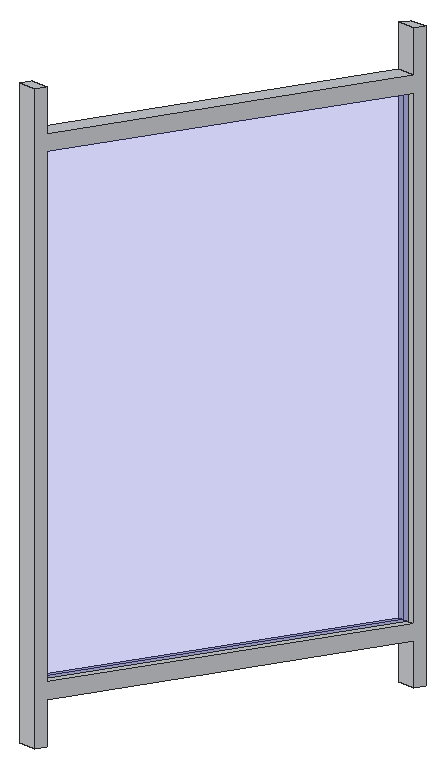
Revit family
Parameters (values of type "600mm - 유리")
  built-in parameter 1008623 [instance] = (empty or 0)
  built-in parameter 1008625 [instance] = 18.00°
  Post = no
  패널 재료 = 유리
  폭 [instance] = 600 mm
  프레임 재료 = none
  built-in parameter 1008624 [instance] = (empty or 0)
  built-in parameter 1008622 [instance] = 750 mm
Types (4, lengths in mm): name | 패널 재료 | 폭
  (no name) | 유리 | 600
  600mm - 유리 | 유리 | 600
  600mm - 체인 링크 | 체인 링크 | 600
  450mm - 유리 | 유리 | 450
Reference planes
  plane 1 "중심(앞/뒤)": y = 0
  plane 2: z = 0
  plane 3 "중심(왼쪽/오른쪽)": x = 0
  plane 4 "상단": z = 750
  plane 5 "경사 각도(상단)": through (0, 220.419, 678.381) normal (0, -0.309, -0.9511)
  plane 6 "경사 각도(하단)": through (0, 0, 0) normal (0, -0.309, -0.9511)
  plane 7 "앞면": y = 300
  plane 8 "뒤로": y = -300
  plane 9: z = 1054.8
  plane 10: z = -304.8
  plane 11: x = -19.05
  plane 12: x = 25.4
  plane 13: x = -9.525
  plane 14: x = 9.525
  plane 15: x = -3.175
  plane 16: x = 3.175
Forms (mm)
  Extrusion 1, solid, material <- "프레임 재료"
    sketch origin (0, 0, 0) x (1, 0, 0) y (0, 1, 0)
      loop
        line (-9.525, 309.525) -> (-9.525, 290.475) -> (9.525, 290.475) -> (9.525, 309.525) -> (-9.525, 309.525)
    from -304.8 to 1054.8
  Extrusion 2, solid, material <- "프레임 재료"
    sketch origin (0, 0, 0) x (1, 0, 0) y (0, 1, 0)
      loop
        line (-9.525, -290.475) -> (-9.525, -309.525) -> (9.525, -309.525) -> (9.525, -290.475) -> (-9.525, -290.475)
    from -304.8 to 1054.8
  Extrusion 3, void
    sketch origin (0, 0, 0) x (0, 1, 0) y (0, 0, 1)
      loop
        line (-334.925, -304.8) -> (334.925, -304.8) -> (334.925, -108.824) -> (-334.925, 108.824) -> (-334.925, -304.8)
      loop
        line (334.925, 1054.8) -> (-334.925, 1054.8) -> (-334.925, 858.824) -> (334.925, 641.176) -> (334.925, 1054.8)
    from -19.05 to 25.4
  Extrusion 4, solid, material <- "프레임 재료"
    sketch origin (0, 0, 0) x (0, 1, 0) y (0, 0, 1)
      loop
        line (-300, 774.031) -> (300, 579.079) -> (300, 599.11) -> (-300, 794.062) -> (-300, 774.031)
    from -9.525 to 9.525
  Extrusion 5, solid, material <- "프레임 재료"
    sketch origin (0, 0, 0) x (0, 1, 0) y (0, 0, 1)
      loop
        line (-300, 170.921) -> (-300, 150.89) -> (300, -44.062) -> (300, -24.031) -> (-300, 170.921)
    from -9.525 to 9.525
  Extrusion 6, solid, material "유리" <- "패널 재료"
    sketch origin (0, 0, 0) x (0, 1, 0) y (0, 0, 1)
      loop
        line (290.475, -20.936) -> (290.475, 582.174) -> (-290.475, 770.936) -> (-290.475, 167.826) -> (290.475, -20.936)
    from -3.175 to 3.175
Cuts and joins
  Extrusion 3 cuts Extrusion 1
  Extrusion 3 cuts Extrusion 2
  joined: Extrusion 1, Extrusion 2, Extrusion 4, Extrusion 5
Lines and regions (mm)
  symbolic lines, style "InvisibleLines"
    curve 1: line (0, -300, 773.84) -> (0, 300.36, 578.772)
    curve 2: line (0, -300, 170.921) -> (0, 300, -24.031)
Text (mm)
  text "난간동자 패널 입면도" at (0, 1279.138, 1234.25), in view "왼쪽"
Dimensions and locks
  "built-in parameter 1008622": plane 2 to plane 4 "상단"
  "폭": plane 8 "뒤로" to plane 7 "앞면"
  equal spacing: plane 8 "뒤로", plane 1 "중심(앞/뒤)", plane 7 "앞면"
  locked: curve 1 to plane 5 "경사 각도(상단)" at 70.032  (x2)
  locked: curve 1 to Extrusion 4 sketch curve at 19.232
  locked: plane 4 "상단" to plane 9 at 304.8
  locked: level to plane 10 at 304.8
  locked: plane 6 "경사 각도(하단)" to curve 2 at 69.85  (x2)
  locked: curve 2 to Extrusion 5 sketch curve at 19.05
  equal spacing: plane 13, plane 3 "중심(왼쪽/오른쪽)", plane 14
  locked: plane 13 to plane 14 at 19.05
  locked: plane 15 to plane 16 at 6.35
  equal spacing: plane 15, plane 3 "중심(왼쪽/오른쪽)", plane 16
  "built-in parameter 1008625": angle plane 4 "상단" to plane 5 "경사 각도(상단)"
  "built-in parameter 1008625": angle level to plane 6 "경사 각도(하단)"
  aligned and locked: Extrusion 1 to plane 9
  aligned and locked: plane 10 to Extrusion 1
  aligned and locked: Extrusion 2 to Extrusion 1
  aligned and locked: Extrusion 1 to Extrusion 2
  aligned and locked: plane 10 to Extrusion 3 sketch curve
  aligned and locked: Extrusion 3 sketch curve to plane 6 "경사 각도(하단)"
  aligned and locked: Extrusion 3 sketch curve to plane 9
  aligned and locked: plane 5 "경사 각도(상단)" to Extrusion 3 sketch curve
  aligned and locked: plane 11 to Extrusion 3
  aligned and locked: Extrusion 3 to plane 12
  aligned and locked: Extrusion 4 sketch curve to plane 7 "앞면"
  aligned and locked: Extrusion 4 sketch curve to plane 8 "뒤로"
  aligned and locked: plane 7 "앞면" to curve 2
  aligned and locked: plane 8 "뒤로" to curve 2
  aligned and locked: Extrusion 5 sketch curve to curve 2
  aligned and locked: Extrusion 1 sketch curve to plane 13
  aligned and locked: plane 14 to Extrusion 1 sketch curve
  aligned and locked: Extrusion 2 sketch curve to plane 13
  aligned and locked: plane 14 to Extrusion 2 sketch curve
  aligned and locked: plane 13 to Extrusion 4
  aligned and locked: Extrusion 4 to plane 14
  aligned and locked: cut or joined group of Extrusion 1, Extrusion 2, Extrusion 3, Extrusion 4, Extrusion 5 to Extrusion 5  (x2)
  aligned and locked: Extrusion 6 sketch curve to cut or joined group of Extrusion 1, Extrusion 2, Extrusion 3, Extrusion 4, Extrusion 5  (x4)
  aligned and locked: Extrusion 6 to plane 15
  aligned and locked: Extrusion 6 to plane 16
Automatic sketch dimensions
  plane 8 "뒤로" to Extrusion 3 sketch curve = 34.925 mm  (x2)
  Extrusion 3 sketch curve to plane 7 "앞면" = 34.925 mm  (x2)
  Extrusion 4 sketch curve to Extrusion 4 sketch curve = 20.03 mm  (x2)
  curve 1 to plane 8 "뒤로" = 0 mm
  curve 1 to plane 7 "앞면" = 0.36 mm
  Extrusion 5 sketch curve to plane 8 "뒤로" = 0 mm
  Extrusion 5 sketch curve to plane 7 "앞면" = 0 mm
  plane 7 "앞면" to Extrusion 1 sketch curve = 9.525 mm
  Extrusion 1 sketch curve to plane 7 "앞면" = 9.525 mm
  plane 8 "뒤로" to Extrusion 2 sketch curve = 9.525 mm
  Extrusion 2 sketch curve to plane 8 "뒤로" = 9.525 mm
